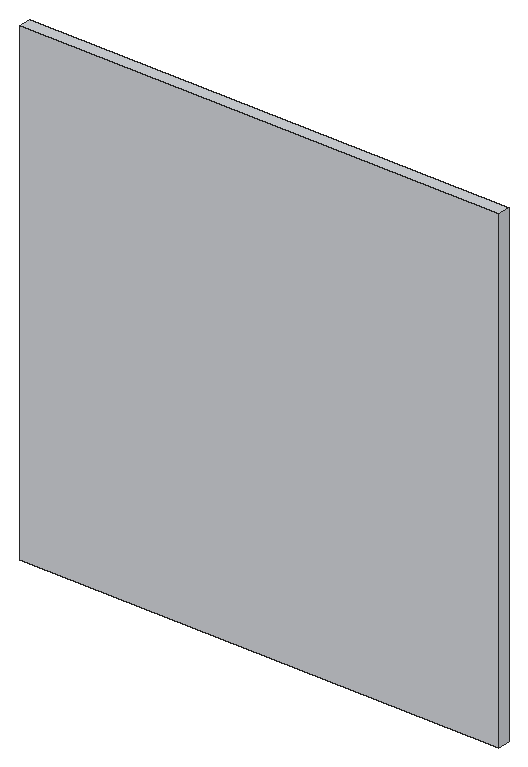
Revit family
Parameters
  Sign Thickness = 2 mm
  Height = 1500 mm
Reference planes
  plane 1 "Center (Front/Back)": y = -198
  plane 2: z = 0
  plane 3 "Center (Left/Right)": x = 0
  plane 4: z = 1500
  plane 5: y = -196
Forms (mm)
  Extrusion 1, solid
    sketch origin (0, -198, 0) x (1, 0, 0) y (0, 0, 1)
      loop
        line (37.5, 1462.5) -> (37.5, 1537.5) -> (-37.5, 1537.5) -> (-37.5, 1462.5) -> (37.5, 1462.5)
    from 0 to -2
Lines and regions (mm)
  model lines, style "Signage"
    curve 1: arc (30, -198, 1500) -> (0, -198, 1530) -> (-30, -198, 1500) r 30
    curve 2: arc (25, -198, 1500) -> (0, -198, 1525) -> (-25, -198, 1500) r 25
    curve 3: arc (-25, -198, 1500) -> (0, -198, 1475) -> (25, -198, 1500) r 25
    curve 4: arc (-30, -198, 1500) -> (0, -198, 1470) -> (30, -198, 1500) r 30
    curve 5: line (-19.357, -198, 1515.821) -> (15.821, -198, 1480.643)
    curve 6: line (-15.821, -198, 1519.357) -> (19.357, -198, 1484.179)
    curve 7: line (14.298, -198, 1510.963) -> (3.435, -198, 1500.1)
    curve 8: arc (18.54, -198, 1506.72) -> (18.54, -198, 1510.963) -> (14.298, -198, 1510.963) r 3
    curve 9: line (18.54, -198, 1506.72) -> (7.678, -198, 1495.858)
    curve 10: line (4.142, -198, 1492.322) -> (-6.209, -198, 1481.971)
    curve 11: arc (-10.451, -198, 1486.214) -> (-10.451, -198, 1481.971) -> (-6.209, -198, 1481.971) r 3
    curve 12: line (-0.1, -198, 1496.565) -> (-10.451, -198, 1486.214)
    curve 13: line (-6.562, -198, 1490.103) -> (-2.319, -198, 1485.86)
    curve 14: line (-11.624, -198, 1494.119) -> (-11.937, -198, 1494.523)
    curve 15: line (-8.563, -198, 1513.515) -> (-8.572, -198, 1513.956)
    curve 16: line (-8.6, -198, 1512.576) -> (-8.572, -198, 1513.054)
    curve 17: line (-8.572, -198, 1513.054) -> (-8.563, -198, 1513.515)
    curve 18: line (-8.572, -198, 1513.956) -> (-8.599, -198, 1514.376)
    curve 19: line (-8.599, -198, 1514.376) -> (-8.643, -198, 1514.776)
    curve 20: line (-8.643, -198, 1514.776) -> (-8.705, -198, 1515.157)
    curve 21: line (-8.705, -198, 1515.157) -> (-8.784, -198, 1515.519)
    curve 22: line (-8.784, -198, 1515.519) -> (-8.878, -198, 1515.864)
    curve 23: line (-8.878, -198, 1515.864) -> (-8.989, -198, 1516.193)
    curve 24: line (-8.989, -198, 1516.193) -> (-9.116, -198, 1516.505)
    curve 25: line (-9.116, -198, 1516.505) -> (-9.257, -198, 1516.802)
    curve 26: line (-9.257, -198, 1516.802) -> (-9.413, -198, 1517.084)
    curve 27: line (-9.413, -198, 1517.084) -> (-9.583, -198, 1517.349)
    curve 28: line (-9.583, -198, 1517.349) -> (-9.766, -198, 1517.598)
    curve 29: line (-9.766, -198, 1517.598) -> (-9.961, -198, 1517.83)
    curve 30: line (-9.961, -198, 1517.83) -> (-10.167, -198, 1518.045)
    curve 31: line (-10.167, -198, 1518.045) -> (-10.384, -198, 1518.243)
    curve 32: line (-10.384, -198, 1518.243) -> (-10.611, -198, 1518.423)
    curve 33: line (-10.611, -198, 1518.423) -> (-10.847, -198, 1518.584)
    curve 34: line (-10.847, -198, 1518.584) -> (-11.092, -198, 1518.727)
    curve 35: line (-11.092, -198, 1518.727) -> (-11.343, -198, 1518.852)
    curve 36: line (-11.599, -198, 1518.959) -> (-11.86, -198, 1519.047)
    curve 37: line (-11.343, -198, 1518.852) -> (-11.599, -198, 1518.959)
    curve 38: line (-11.86, -198, 1519.047) -> (-12.125, -198, 1519.117)
    curve 39: line (-12.125, -198, 1519.117) -> (-12.392, -198, 1519.169)
    curve 40: line (-12.392, -198, 1519.169) -> (-12.66, -198, 1519.202)
    curve 41: line (-12.66, -198, 1519.202) -> (-12.928, -198, 1519.218)
    curve 42: line (-12.928, -198, 1519.218) -> (-13.196, -198, 1519.216)
    curve 43: line (-13.196, -198, 1519.216) -> (-13.461, -198, 1519.198)
    curve 44: line (-13.461, -198, 1519.198) -> (-13.725, -198, 1519.166)
    curve 45: line (-13.725, -198, 1519.166) -> (-13.985, -198, 1519.12)
    curve 46: line (-13.985, -198, 1519.12) -> (-14.242, -198, 1519.061)
    curve 47: line (-14.242, -198, 1519.061) -> (-14.494, -198, 1518.991)
    curve 48: line (-14.494, -198, 1518.991) -> (-14.741, -198, 1518.91)
    curve 49: line (-14.741, -198, 1518.91) -> (-14.979, -198, 1518.818)
    curve 50: line (-14.979, -198, 1518.818) -> (-15.178, -198, 1518.714)
    curve 51: line (-8.001, -198, 1511.537) -> (-7.591, -198, 1511.423)
    curve 52: line (-7.591, -198, 1511.423) -> (-7.263, -198, 1511.366)
    curve 53: line (-7.263, -198, 1511.366) -> (-6.958, -198, 1511.335)
    curve 54: line (-6.659, -198, 1511.31) -> (-6.352, -198, 1511.273)
    curve 55: line (-6.958, -198, 1511.335) -> (-6.659, -198, 1511.31)
    curve 56: line (-6.352, -198, 1511.273) -> (-6.024, -198, 1511.21)
    curve 57: line (-6.024, -198, 1511.21) -> (-5.681, -198, 1511.12)
    curve 58: line (-5.681, -198, 1511.12) -> (-5.332, -198, 1511.009)
    curve 59: line (-5.332, -198, 1511.009) -> (-4.986, -198, 1510.879)
    curve 60: line (-4.986, -198, 1510.879) -> (-4.652, -198, 1510.736)
    curve 61: line (-4.652, -198, 1510.736) -> (-4.34, -198, 1510.583)
    curve 62: line (-4.34, -198, 1510.583) -> (-4.058, -198, 1510.425)
    curve 63: line (-4.058, -198, 1510.425) -> (-3.815, -198, 1510.266)
    curve 64: line (-3.815, -198, 1510.266) -> (-3.62, -198, 1510.108)
    curve 65: line (-3.62, -198, 1510.108) -> (-3.469, -198, 1509.945)
    curve 66: line (-3.469, -198, 1509.945) -> (-3.359, -198, 1509.772)
    curve 67: line (-3.359, -198, 1509.772) -> (-3.287, -198, 1509.579)
    curve 68: line (-3.287, -198, 1509.579) -> (-3.248, -198, 1509.361)
    curve 69: line (-3.248, -198, 1509.361) -> (-3.239, -198, 1509.109)
    curve 70: line (-3.239, -198, 1509.109) -> (-3.256, -198, 1508.818)
    curve 71: line (-3.256, -198, 1508.818) -> (-3.295, -198, 1508.478)
    curve 72: line (-3.295, -198, 1508.478) -> (-3.353, -198, 1508.087)
    curve 73: line (-3.353, -198, 1508.087) -> (-3.432, -198, 1507.649)
    curve 74: line (-3.432, -198, 1507.649) -> (-3.534, -198, 1507.174)
    curve 75: line (-5.937, -198, 1502.401) -> (-6.121, -198, 1502.188)
    curve 76: line (-6.121, -198, 1502.188) -> (-6.487, -198, 1501.8)
    curve 77: line (-6.487, -198, 1501.8) -> (-6.848, -198, 1501.447)
    curve 78: line (-6.848, -198, 1501.447) -> (-7.197, -198, 1501.134)
    curve 79: line (-7.197, -198, 1501.134) -> (-7.53, -198, 1500.862)
    curve 80: line (-7.53, -198, 1500.862) -> (-7.996, -198, 1500.517)
    curve 81: line (-7.996, -198, 1500.517) -> (-8.473, -198, 1500.228)
    curve 82: line (-8.473, -198, 1500.228) -> (-8.787, -198, 1500.054)
    curve 83: line (-8.787, -198, 1500.054) -> (-9.109, -198, 1499.886)
    curve 84: line (-9.109, -198, 1499.886) -> (-9.444, -198, 1499.718)
    curve 85: line (-9.444, -198, 1499.718) -> (-9.798, -198, 1499.542)
    curve 86: line (-9.798, -198, 1499.542) -> (-10.175, -198, 1499.351)
    curve 87: line (-10.175, -198, 1499.351) -> (-10.796, -198, 1499.029)
    curve 88: line (-10.796, -198, 1499.029) -> (-11.359, -198, 1498.709)
    curve 89: line (-11.359, -198, 1498.709) -> (-11.742, -198, 1498.477)
    curve 90: line (-11.742, -198, 1498.477) -> (-12.103, -198, 1498.239)
    curve 91: line (-12.103, -198, 1498.239) -> (-12.434, -198, 1497.998)
    curve 92: line (-12.434, -198, 1497.998) -> (-12.725, -198, 1497.754)
    curve 93: line (-12.725, -198, 1497.754) -> (-12.97, -198, 1497.51)
    curve 94: line (-12.97, -198, 1497.51) -> (-13.171, -198, 1497.262)
    curve 95: line (-13.171, -198, 1497.262) -> (-13.333, -198, 1497.008)
    curve 96: line (-13.333, -198, 1497.008) -> (-13.461, -198, 1496.743)
    curve 97: line (-13.461, -198, 1496.743) -> (-13.56, -198, 1496.464)
    curve 98: line (-13.56, -198, 1496.464) -> (-13.635, -198, 1496.168)
    curve 99: line (-13.635, -198, 1496.168) -> (-13.691, -198, 1495.852)
    curve 100: line (-13.691, -198, 1495.852) -> (-13.733, -198, 1495.512)
    curve 101: line (-13.733, -198, 1495.512) -> (-13.765, -198, 1495.146)
    curve 102: line (-13.765, -198, 1495.146) -> (-13.787, -198, 1494.761)
    curve 103: line (-13.787, -198, 1494.761) -> (-13.798, -198, 1494.364)
    curve 104: line (-13.798, -198, 1494.364) -> (-13.798, -198, 1493.964)
    curve 105: line (-13.798, -198, 1493.964) -> (-13.786, -198, 1493.569)
    curve 106: line (-13.786, -198, 1493.569) -> (-13.761, -198, 1493.186)
    curve 107: line (-13.761, -198, 1493.186) -> (-13.722, -198, 1492.823)
    curve 108: line (-13.722, -198, 1492.823) -> (-13.668, -198, 1492.49)
    curve 109: line (-13.668, -198, 1492.49) -> (-13.599, -198, 1492.19)
    curve 110: line (-13.599, -198, 1492.19) -> (-13.516, -198, 1491.924)
    curve 111: line (-13.516, -198, 1491.924) -> (-13.417, -198, 1491.685)
    curve 112: line (-13.417, -198, 1491.685) -> (-13.302, -198, 1491.47)
    curve 113: line (-13.173, -198, 1491.275) -> (-13.028, -198, 1491.096)
    curve 114: line (-13.302, -198, 1491.47) -> (-13.173, -198, 1491.275)
    curve 115: line (-13.028, -198, 1491.096) -> (-12.868, -198, 1490.928)
    curve 116: line (-12.868, -198, 1490.928) -> (-12.693, -198, 1490.767)
    curve 117: line (-12.693, -198, 1490.767) -> (-12.503, -198, 1490.611)
    curve 118: line (-12.503, -198, 1490.611) -> (-12.301, -198, 1490.459)
    curve 119: line (-12.301, -198, 1490.459) -> (-12.092, -198, 1490.314)
    curve 120: line (-12.092, -198, 1490.314) -> (-11.88, -198, 1490.178)
    curve 121: line (-11.88, -198, 1490.178) -> (-11.667, -198, 1490.053)
    curve 122: line (-11.667, -198, 1490.053) -> (-11.458, -198, 1489.94)
    curve 123: line (-11.458, -198, 1489.94) -> (-11.257, -198, 1489.842)
    curve 124: line (-11.257, -198, 1489.842) -> (-11.067, -198, 1489.76)
    curve 125: line (-11.067, -198, 1489.76) -> (-10.891, -198, 1489.696)
    curve 126: line (-10.891, -198, 1489.696) -> (-10.308, -198, 1489.542)
    curve 127: line (-10.308, -198, 1489.542) -> (-10.124, -198, 1490.02)
    curve 128: line (-10.124, -198, 1490.02) -> (-10.085, -198, 1490.211)
    curve 129: line (-10.085, -198, 1490.211) -> (-10.067, -198, 1490.442)
    curve 130: line (-10.067, -198, 1490.442) -> (-10.081, -198, 1491.006)
    curve 131: line (-10.788, -198, 1506.215) -> (-10.539, -198, 1506.639)
    curve 132: line (-11.034, -198, 1505.814) -> (-10.788, -198, 1506.215)
    curve 133: line (-10.539, -198, 1506.639) -> (-10.409, -198, 1506.873)
    curve 134: line (-11.275, -198, 1505.436) -> (-11.034, -198, 1505.814)
    curve 135: line (-11.744, -198, 1504.748) -> (-11.511, -198, 1505.081)
    curve 136: line (-11.511, -198, 1505.081) -> (-11.275, -198, 1505.436)
    curve 137: line (-11.973, -198, 1504.436) -> (-11.744, -198, 1504.748)
    curve 138: line (-12.429, -198, 1503.871) -> (-12.201, -198, 1504.145)
    curve 139: line (-12.201, -198, 1504.145) -> (-11.973, -198, 1504.436)
    curve 140: line (-12.657, -198, 1503.616) -> (-12.429, -198, 1503.871)
    curve 141: line (-12.888, -198, 1503.376) -> (-12.657, -198, 1503.616)
    curve 142: line (-13.353, -198, 1502.938) -> (-13.12, -198, 1503.152)
    curve 143: line (-13.12, -198, 1503.152) -> (-12.888, -198, 1503.376)
    curve 144: line (-13.583, -198, 1502.73) -> (-13.353, -198, 1502.938)
    curve 145: line (-13.806, -198, 1502.523) -> (-13.583, -198, 1502.73)
    curve 146: line (-14.145, -198, 1502.193) -> (-13.806, -198, 1502.523)
    curve 147: line (-14.51, -198, 1501.745) -> (-14.145, -198, 1502.193)
    curve 148: line (-14.915, -198, 1500.938) -> (-14.727, -198, 1501.356)
    curve 149: line (-14.727, -198, 1501.356) -> (-14.51, -198, 1501.745)
    curve 150: line (-15.05, -198, 1500.476) -> (-14.915, -198, 1500.938)
    curve 151: line (-15.187, -198, 1499.878) -> (-15.05, -198, 1500.476)
    curve 152: line (-15.239, -198, 1499.135) -> (-15.187, -198, 1499.878)
    curve 153: line (-15.215, -198, 1498.618) -> (-15.239, -198, 1499.135)
    curve 154: line (-15.119, -198, 1498.152) -> (-15.215, -198, 1498.618)
    curve 155: line (-14.898, -198, 1497.62) -> (-15.119, -198, 1498.152)
    curve 156: line (-14.516, -198, 1497.156) -> (-14.898, -198, 1497.62)
    curve 157: line (-14.15, -198, 1496.802) -> (-14.516, -198, 1497.156)
    curve 158: line (-13.728, -198, 1496.419) -> (-14.15, -198, 1496.802)
    curve 159: line (-13.185, -198, 1495.909) -> (-13.54, -198, 1496.248)
    curve 160: line (-12.888, -198, 1495.609) -> (-13.185, -198, 1495.909)
    curve 161: line (-12.576, -198, 1495.275) -> (-12.888, -198, 1495.609)
    curve 162: line (-11.937, -198, 1494.523) -> (-12.257, -198, 1494.911)
    curve 163: line (-12.257, -198, 1494.911) -> (-12.576, -198, 1495.275)
    curve 164: line (-11.324, -198, 1493.703) -> (-11.624, -198, 1494.119)
    curve 165: line (-10.323, -198, 1491.878) -> (-10.588, -198, 1492.478)
    curve 166: line (-10.081, -198, 1491.006) -> (-10.323, -198, 1491.878)
    curve 167: line (-13.728, -198, 1496.419) -> (-13.54, -198, 1496.248)
    curve 168: line (-11.324, -198, 1493.703) -> (-10.588, -198, 1492.478)
    curve 169: line (-8.6, -198, 1512.576) -> (-8.6, -198, 1512.136)
  symbolic lines, style "2D Signage Placement Lines"
    curve 170: line (-150.1, -198, 0) -> (149.9, -198, 0)
    curve 171: line (-0.1, -198, 0) -> (-0.1, -348, 0)
Dimensions and locks
  "Height": plane 4 to level
  "Sign Thickness": plane 1 "Center (Front/Back)" to plane 5
  aligned and locked: Extrusion 1 to plane 5
  aligned and locked: plane 1 "Center (Front/Back)" to Extrusion 1
Automatic sketch dimensions
  plane 4 to Extrusion 1 sketch curve = 37.5 mm
  Extrusion 1 sketch curve to plane 3 "Center (Left/Right)" = 37.5 mm
  plane 3 "Center (Left/Right)" to Extrusion 1 sketch curve = 37.5 mm
  Extrusion 1 sketch curve to plane 4 = 37.5 mm
  curve 1 to curve 3 = 0 mm
  curve 3 to plane 3 "Center (Left/Right)" = 0 mm
  curve 12 to plane 3 "Center (Left/Right)" = 0.1 mm
  curve 13 to plane 3 "Center (Left/Right)" = 2.319 mm
  curve 70 to plane 3 "Center (Left/Right)" = 3.239 mm
  curve 69 to curve 69 = 0.009 mm
  curve 70 to curve 69 = 0.017 mm
  curve 67 to curve 68 = 0.039 mm
  curve 71 to curve 70 = 0.039 mm
  curve 73 to curve 71 = 0.058 mm
  curve 67 to curve 67 = 0.072 mm
  curve 74 to curve 72 = 0.079 mm
  curve 66 to curve 66 = 0.11 mm
  curve 74 to curve 73 = 0.102 mm
  curve 65 to curve 65 = 0.151 mm
  curve 64 to curve 64 = 0.196 mm
  curve 63 to curve 63 = 0.242 mm
  curve 62 to curve 62 = 0.282 mm
  curve 61 to curve 61 = 0.312 mm
  curve 59 to curve 61 = 0.334 mm
  curve 59 to curve 59 = 0.346 mm
  curve 57 to curve 58 = 0.349 mm
  curve 75 to plane 4 = 2.401 mm
  curve 75 to curve 74 = 2.403 mm
  curve 56 to curve 57 = 0.343 mm
  curve 75 to plane 4 = 2.188 mm
  curve 75 to curve 75 = 0.184 mm
  curve 11 to curve 13 = 3.889 mm
  curve 56 to curve 56 = 0.328 mm
  curve 77 to plane 4 = 1.8 mm
  curve 77 to curve 75 = 0.365 mm
  curve 13 to curve 13 = 4.243 mm
  curve 55 to curve 54 = 0.307 mm
  curve 78 to plane 4 = 1.447 mm
  curve 78 to curve 76 = 0.361 mm
  curve 53 to curve 55 = 0.299 mm
  curve 78 to plane 4 = 1.134 mm
  curve 78 to curve 77 = 0.349 mm
  curve 52 to curve 55 = 0.306 mm
  curve 80 to plane 4 = 0.862 mm
  curve 80 to curve 78 = 0.333 mm
  curve 52 to curve 52 = 0.328 mm
  curve 51 to curve 51 = 0.41 mm
  curve 80 to plane 4 = 0.517 mm
  curve 80 to curve 79 = 0.465 mm
  curve 11 to curve 10 = 2.121 mm
  curve 82 to plane 4 = 0.228 mm
  curve 82 to curve 80 = 0.478 mm
  curve 15 to curve 51 = 0.561 mm
  curve 18 to curve 15 = 0.009 mm
  curve 16 to curve 15 = 0.009 mm
  curve 19 to curve 15 = 0.027 mm
  curve 169 to curve 51 = 0.599 mm
  curve 20 to curve 18 = 0.045 mm
  curve 20 to curve 19 = 0.062 mm
  curve 22 to curve 20 = 0.078 mm
  curve 83 to plane 4 = 0.054 mm
  curve 83 to curve 81 = 0.313 mm
  curve 22 to curve 21 = 0.095 mm
  curve 24 to curve 22 = 0.111 mm
  plane 4 to curve 83 = 0.114 mm
  curve 83 to curve 82 = 0.322 mm
  curve 24 to curve 23 = 0.126 mm
  curve 26 to curve 24 = 0.142 mm
  curve 26 to curve 25 = 0.156 mm
  plane 4 to curve 84 = 0.282 mm
  curve 84 to curve 83 = 0.335 mm
  curve 27 to curve 26 = 0.17 mm
  curve 28 to curve 27 = 0.183 mm
  plane 4 to curve 86 = 0.458 mm
  curve 86 to curve 85 = 0.355 mm
  curve 30 to curve 28 = 0.195 mm
  curve 130 to curve 13 = 3.505 mm
  curve 130 to curve 129 = 0.014 mm
  curve 128 to curve 129 = 0.018 mm
  curve 127 to curve 128 = 0.039 mm
  curve 30 to curve 29 = 0.206 mm
  plane 4 to curve 87 = 0.649 mm
  curve 87 to curve 85 = 0.376 mm
  curve 127 to curve 127 = 0.184 mm
  curve 166 to curve 166 = 0.242 mm
  curve 31 to curve 30 = 0.217 mm
  curve 133 to curve 51 = 2.408 mm
  curve 11 to curve 11 = 2.121 mm
  curve 131 to curve 133 = 0.13 mm
  curve 165 to curve 165 = 0.265 mm
  curve 33 to curve 31 = 0.227 mm
  curve 132 to curve 131 = 0.249 mm
  plane 4 to curve 87 = 0.971 mm
  curve 87 to curve 87 = 0.621 mm
  curve 34 to curve 32 = 0.236 mm
  curve 126 to curve 126 = 0.583 mm
  curve 132 to curve 131 = 0.246 mm
  curve 125 to curve 125 = 0.175 mm
  curve 35 to curve 33 = 0.244 mm
  curve 124 to curve 125 = 0.19 mm
  curve 136 to plane 4 = 5.436 mm
  curve 136 to curve 132 = 0.241 mm
  curve 168 to curve 168 = 0.735 mm
  curve 35 to curve 34 = 0.251 mm
  plane 4 to curve 89 = 1.291 mm
  curve 89 to curve 87 = 0.563 mm
  curve 122 to curve 123 = 0.201 mm
  curve 135 to plane 4 = 5.081 mm
  curve 135 to curve 134 = 0.236 mm
  curve 37 to curve 35 = 0.257 mm
  curve 164 to curve 164 = 0.3 mm
  curve 122 to curve 122 = 0.209 mm
  plane 4 to curve 90 = 1.523 mm
  curve 90 to curve 88 = 0.383 mm
  curve 135 to plane 4 = 4.748 mm
  curve 135 to curve 135 = 0.232 mm
  curve 38 to curve 36 = 0.261 mm
  curve 120 to curve 121 = 0.213 mm
  plane 4 to curve 162 = 5.477 mm
  curve 162 to curve 14 = 0.314 mm
  curve 139 to plane 4 = 4.436 mm
  curve 139 to curve 135 = 0.23 mm
  curve 120 to curve 120 = 0.213 mm
  plane 4 to curve 91 = 1.761 mm
  curve 91 to curve 89 = 0.361 mm
  curve 38 to curve 36 = 0.265 mm
  curve 139 to plane 4 = 4.145 mm
  curve 139 to curve 137 = 0.228 mm
  plane 4 to curve 162 = 5.089 mm
  curve 162 to curve 14 = 0.32 mm
  curve 119 to curve 119 = 0.209 mm
  curve 40 to curve 38 = 0.267 mm
  curve 138 to plane 4 = 3.871 mm
  curve 138 to curve 138 = 0.228 mm
  plane 4 to curve 92 = 2.002 mm
  curve 92 to curve 90 = 0.331 mm
  curve 118 to curve 118 = 0.201 mm
  plane 4 to curve 163 = 4.725 mm
  curve 163 to curve 162 = 0.319 mm
  curve 140 to plane 4 = 3.616 mm
  curve 140 to curve 138 = 0.228 mm
  curve 40 to curve 39 = 0.268 mm
  curve 117 to curve 117 = 0.19 mm
  plane 4 to curve 92 = 2.246 mm
  curve 92 to curve 92 = 0.291 mm
  curve 116 to curve 116 = 0.175 mm
  curve 141 to plane 4 = 3.376 mm
  curve 141 to curve 140 = 0.23 mm
  plane 4 to curve 160 = 4.391 mm
  curve 160 to curve 161 = 0.311 mm
  curve 41 to curve 40 = 0.268 mm
  plane 4 to curve 94 = 2.49 mm
  curve 94 to curve 92 = 0.245 mm
  curve 113 to curve 115 = 0.16 mm
  curve 143 to plane 4 = 3.152 mm
  curve 143 to curve 141 = 0.233 mm
  plane 4 to curve 95 = 2.738 mm
  curve 95 to curve 94 = 0.201 mm
  curve 114 to curve 113 = 0.145 mm
  plane 4 to curve 159 = 4.091 mm
  curve 159 to curve 160 = 0.297 mm
  curve 43 to curve 41 = 0.267 mm
  curve 112 to curve 113 = 0.13 mm
  plane 4 to curve 96 = 2.992 mm
  curve 96 to curve 95 = 0.162 mm
  curve 142 to plane 4 = 2.938 mm
  curve 142 to curve 142 = 0.233 mm
  curve 111 to curve 112 = 0.114 mm
  plane 4 to curve 96 = 3.257 mm
  curve 96 to curve 95 = 0.128 mm
  curve 43 to curve 42 = 0.266 mm
  curve 111 to curve 111 = 0.099 mm
  plane 4 to curve 159 = 3.752 mm
  curve 159 to curve 159 = 0.355 mm
  plane 4 to curve 98 = 3.536 mm
  curve 98 to curve 159 = 0.02 mm
  curve 144 to plane 4 = 2.73 mm
  curve 144 to curve 142 = 0.23 mm
  curve 109 to curve 110 = 0.084 mm
  plane 4 to curve 99 = 3.832 mm
  curve 99 to curve 159 = 0.095 mm
  curve 109 to curve 109 = 0.069 mm
  plane 4 to curve 100 = 4.148 mm
  curve 100 to curve 98 = 0.056 mm
  curve 107 to curve 108 = 0.053 mm
  curve 45 to curve 43 = 0.264 mm
  plane 4 to curve 158 = 3.581 mm
  curve 158 to curve 97 = 0.169 mm
  plane 4 to curve 101 = 4.488 mm
  curve 101 to curve 99 = 0.042 mm
  plane 4 to curve 106 = 6.814 mm
  curve 106 to curve 107 = 0.039 mm
  plane 4 to curve 102 = 4.854 mm
  curve 102 to curve 100 = 0.032 mm
  plane 4 to curve 106 = 6.431 mm
  curve 106 to curve 106 = 0.025 mm
  plane 4 to curve 103 = 5.239 mm
  curve 103 to curve 101 = 0.022 mm
  plane 4 to curve 104 = 6.036 mm
  curve 104 to curve 105 = 0.012 mm
  plane 4 to curve 104 = 5.636 mm
  curve 104 to curve 102 = 0.011 mm
  curve 145 to plane 4 = 2.523 mm
  curve 145 to curve 144 = 0.224 mm
  curve 46 to curve 44 = 0.261 mm
  curve 146 to plane 4 = 2.193 mm
  curve 146 to curve 146 = 0.338 mm
  plane 4 to curve 157 = 3.198 mm
  curve 157 to curve 158 = 0.422 mm
  curve 47 to curve 46 = 0.257 mm
  curve 48 to curve 46 = 0.252 mm
  curve 149 to plane 4 = 1.745 mm
  curve 149 to curve 147 = 0.365 mm
  plane 4 to curve 157 = 2.844 mm
  curve 157 to curve 158 = 0.366 mm
  curve 149 to plane 4 = 1.356 mm
  curve 149 to curve 147 = 0.217 mm
  curve 49 to curve 47 = 0.247 mm
  plane 4 to curve 155 = 2.38 mm
  curve 155 to curve 156 = 0.382 mm
  curve 150 to plane 4 = 0.938 mm
  curve 150 to curve 148 = 0.188 mm
  curve 49 to curve 48 = 0.238 mm
  curve 151 to plane 4 = 0.476 mm
  curve 151 to curve 148 = 0.135 mm
  plane 4 to curve 155 = 1.848 mm
  curve 155 to curve 155 = 0.221 mm
  curve 151 to curve 150 = 0.137 mm
  curve 50 to curve 50 = 0.2 mm
  plane 4 to curve 152 = 0.122 mm
  plane 4 to curve 153 = 1.382 mm
  curve 153 to curve 154 = 0.096 mm
  plane 4 to curve 153 = 0.865 mm
  curve 153 to curve 152 = 0.052 mm
  curve 6 to curve 50 = 0.643 mm
  curve 5 to curve 6 = 3.536 mm
  curve 4 to curve 2 = 5 mm
  curve 7 to plane 4 = 0.1 mm
  plane 3 "Center (Left/Right)" to curve 7 = 3.435 mm
  plane 4 to curve 9 = 4.142 mm
  curve 8 to plane 4 = 10.963 mm
  curve 7 to curve 8 = 2.121 mm
  level to curve 9 = 1506.72 mm
  curve 12 to curve 126 = 3.329 mm
  curve 126 to curve 125 = 0.154 mm
  curve 125 to curve 125 = 0.063 mm
  curve 125 to curve 123 = 0.082 mm
  curve 123 to curve 123 = 0.098 mm
  curve 127 to curve 127 = 0.477 mm
  curve 122 to curve 122 = 0.113 mm
  curve 121 to curve 121 = 0.125 mm
  curve 127 to curve 128 = 0.191 mm
  curve 120 to curve 120 = 0.136 mm
  curve 128 to curve 129 = 0.231 mm
  curve 119 to curve 119 = 0.145 mm
  curve 118 to curve 117 = 0.152 mm
  curve 129 to curve 130 = 0.564 mm
  curve 117 to curve 116 = 0.157 mm
  curve 116 to curve 116 = 0.161 mm
  curve 115 to curve 113 = 0.168 mm
  curve 113 to curve 114 = 0.179 mm
  curve 113 to curve 114 = 0.195 mm
  curve 112 to curve 111 = 0.215 mm
  curve 166 to curve 166 = 0.872 mm
  curve 111 to curve 111 = 0.239 mm
  curve 110 to curve 109 = 0.267 mm
  curve 165 to curve 165 = 0.6 mm
  curve 109 to curve 108 = 0.299 mm
  curve 108 to curve 107 = 0.334 mm
  curve 168 to curve 164 = 1.225 mm
  curve 14 to curve 14 = 0.405 mm
  curve 134 to curve 134 = 0.378 mm
  curve 132 to curve 131 = 0.402 mm
  curve 133 to curve 133 = 0.234 mm
  curve 74 to curve 73 = 0.475 mm
  curve 73 to curve 72 = 0.438 mm
  curve 72 to curve 71 = 0.392 mm
  curve 71 to curve 71 = 0.339 mm
  curve 70 to curve 69 = 0.292 mm
  curve 69 to curve 69 = 0.251 mm
  curve 68 to curve 67 = 0.218 mm
  curve 67 to curve 66 = 0.192 mm
  curve 66 to curve 65 = 0.174 mm
  curve 65 to curve 65 = 0.162 mm
  curve 64 to curve 63 = 0.158 mm
  curve 63 to curve 62 = 0.159 mm
  curve 62 to curve 62 = 0.158 mm
  curve 61 to curve 61 = 0.153 mm
  curve 61 to curve 59 = 0.143 mm
  curve 59 to curve 58 = 0.13 mm
  curve 58 to curve 57 = 0.112 mm
  curve 57 to curve 56 = 0.09 mm
  curve 56 to curve 54 = 0.063 mm
  curve 54 to curve 55 = 0.037 mm
  curve 55 to curve 53 = 0.025 mm
  curve 55 to curve 53 = 0.032 mm
  curve 52 to curve 51 = 0.057 mm
  curve 51 to curve 51 = 0.114 mm
  curve 51 to curve 169 = 0.599 mm
  curve 169 to curve 16 = 0.44 mm
  curve 169 to curve 17 = 0.479 mm
  curve 16 to curve 15 = 0.461 mm
  curve 15 to curve 15 = 0.44 mm
  curve 15 to curve 19 = 0.42 mm
  curve 18 to curve 20 = 0.4 mm
  curve 19 to curve 21 = 0.381 mm
  curve 20 to curve 22 = 0.363 mm
  curve 21 to curve 22 = 0.345 mm
  curve 22 to curve 23 = 0.328 mm
  curve 23 to curve 24 = 0.312 mm
  curve 24 to curve 25 = 0.297 mm
  curve 25 to curve 26 = 0.281 mm
  curve 26 to curve 28 = 0.265 mm
  curve 27 to curve 29 = 0.249 mm
  curve 28 to curve 29 = 0.232 mm
  curve 29 to curve 30 = 0.215 mm
  curve 30 to curve 32 = 0.198 mm
  curve 31 to curve 33 = 0.18 mm
  curve 32 to curve 33 = 0.161 mm
  curve 33 to curve 34 = 0.143 mm
  curve 50 to curve 49 = 0.104 mm
  curve 34 to curve 35 = 0.125 mm
  curve 49 to curve 49 = 0.092 mm
  curve 35 to curve 37 = 0.107 mm
  curve 49 to curve 48 = 0.081 mm
  curve 36 to curve 38 = 0.088 mm
  curve 48 to curve 47 = 0.07 mm
  curve 36 to curve 39 = 0.07 mm
  curve 47 to curve 46 = 0.059 mm
  curve 45 to curve 45 = 0.046 mm
  curve 38 to curve 39 = 0.052 mm
  curve 44 to curve 44 = 0.033 mm
  curve 39 to curve 40 = 0.034 mm
  curve 43 to curve 43 = 0.018 mm
  curve 42 to curve 42 = 0.002 mm
  curve 3 to curve 4 = 0 mm
  curve 4 to plane 4 = 0 mm
  curve 170 to plane 1 "Center (Front/Back)" = 0 mm
  curve 170 to plane 3 "Center (Left/Right)" = 150.1 mm
  curve 171 to plane 3 "Center (Left/Right)" = 0.1 mm
  plane 3 "Center (Left/Right)" to curve 170 = 149.9 mm
  curve 171 to curve 171 = 150 mm
